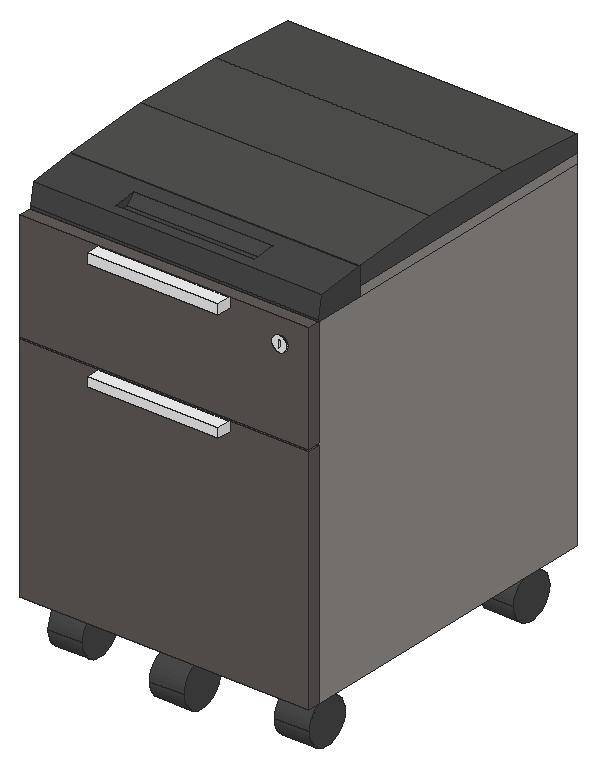
Revit family "Storage-Freestanding-Teknion-BSCMCS_Mobile_Pedestal_with_Seat-R2018", category Furniture, Revit 2018
Family settings
  OmniClass Number = 23.40.20.00
  OmniClass Title = General Furniture and Specialties
  Work Plane-Based = No
  Always vertical = Yes
  Cut with Voids When Loaded = No
  Shared = Yes
  Room Calculation Point = No
Parameters (values of type "Box, File")
  Warranty = "http://www.teknion.com/ca/papers/legal-canada"
  Unit Weight URL = "http://www.teknion.com/ca/tools/assets#&asset=bee6a381-b954-425e-8283-5a2de3a804f2,f828d448-4b62-4231-9e5f-9a8991c0ed77"
  URL = "www.teknion.com"
  Sustainability Data = "http://www.teknion.com/ca/tools/assets#&topic=216f99a5-57a0-44fc-b10a-9dee9b29ae4c&asset=444deb64-fe58-4b68-981e-f75e97781df7"
  Series = "Expansion Casegoods"  # constant formula
  Seat Upholstery Finish [instance] = Fabric - Teknion - E523 - Fundamentals - Black
  Pull Finish [instance] = Mica - Teknion - V - Satin - Very White
  Product Page URL = "http://www.teknion.com/ca/products/product-details?productlineid=0053336e-8e7a-673b-a6c8-ff00004460c4"
  Product Line = "Expansion Casegoods"  # constant formula
  Product Documentation Link = "https://www.teknion.com/pricing/expansion-casegoods/pdfs/Bsmcs_ppg.pdf"
  Part Number = "BSMCS"  # constant formula
  Model = "BSMCSP18BF"
  Manufacturer Phone = "416-661-3370"  # constant formula
  Manufacturer Fax = "416.661.4586"  # constant formula
  Manufacturer Contact Information = "http://www.teknion.com/ca/contactus"
  Manufacturer Address = "1150 Flint Road, Toronto, ON. M3J 2J5. Canada"  # constant formula
  Manufacturer = "Teknion"  # constant formula
  Drawer Front Finish [instance] = Veneer - Teknion - VB - Flintwood - Black Walnut
  Description = "Mobile Pedestal with Seat Cushion, Pulls, 18\" Depth, Box, File"
  Case Finish [instance] = Source Laminate - Teknion - DE - Latte
  Assembly Code = "E2020200"
Reference planes (in)
  plane 1 "Center Front/Back": y = -1.55592
  plane 2: z = 0
  plane 3 "Center Left/Right": x = 0
  plane 4 "Left": x = -7.75
  plane 5 "Right": x = 7.75
  plane 6 "Back": y = 7.09369
  plane 7 "Front": y = -10.20552
  plane 8 "Top": z = 21.32283
  plane 9: z = 2.94094
  plane 10: y = -10.90631
  plane 11: x = 3.5
  plane 12: x = -3.5
  plane 13: z = 1.27201
  plane 14: x = -5.17126
  plane 15: x = -7.02165
  plane 16: x = 7.02165
  plane 17: x = 5.17126
  plane 18: x = -0.9252
  plane 19: x = 0.9252
  plane 20: x = -7.04921
  plane 21: x = 7.04921
  plane 22: y = 6.3929
  plane 23: z = 3.95669
  plane 24: x = -3.75
  plane 25: x = 3.75
Forms (in)
  Extrusion 1, solid, material "Source Laminate - Teknion - DE - Latte" <- "Case Finish"
    sketch origin (0.04921, 2.79921, 0) x (1, 0, 0) y (0, 1, 0)
      loop
        line (-7.79921, 4.29448) -> (-7.79921, -13.00474) -> (7.70079, -13.00474) -> (7.70079, 4.29448) -> (-7.79921, 4.29448)
    from 2.94094 to 21.32283
  Extrusion 2, solid, material "Fabric - Teknion - E523 - Fundamentals - Black" <- "Seat Upholstery Finish"
    sketch origin (0, 0, 0) x (0, 1, 0) y (0, 0, 1)
      loop
        line (7.09369, 21.81594) -> (7.09369, 22.80139) -> (2.23271, 23.1413) -> (-2.77197, 23.1413) -> (-7.48111, 22.81201) -> (-7.48111, 21.81594) -> (7.09369, 21.81594)
    from -7.75 to 7.75
  Extrusion 3, solid, material "Source Laminate - Teknion - DE - Latte" <- "Case Finish"
    sketch origin (0, 0, 0) x (0, 1, 0) y (0, 0, 1)
      loop
        line (7.09369, 21.32283) -> (7.09369, 21.81594) -> (-7.48111, 21.81594) -> (-7.48111, 21.32283) -> (7.09369, 21.32283)
    from -7.75 to 7.75
  Extrusion 4, solid, material "Plastic - Teknion - E - Ebony"
    sketch origin (0, 0, 0) x (0, 1, 0) y (0, 0, 1)
      loop
        line (-7.48111, 22.81201) -> (-10.0137, 22.52885) -> (-10.20552, 21.44094) -> (-10.20552, 21.32283) -> (-7.48111, 21.32283) -> (-7.48111, 22.81201)
    from -7.75 to 7.75
  Extrusion 5, solid, material "Veneer - Teknion - VB - Flintwood - Black Walnut" <- "Drawer Front Finish"
    sketch origin (-7.75, -10.90631, 48) x (-1, 0, 0) y (0, 0, 1)
      loop
        line (0, -26.67717) -> (-15.5, -26.67717) -> (-15.5, -32.52362) -> (0, -32.52362) -> (0, -26.67717)
    from 0 to 0.70079
  Extrusion 6, solid, material "Veneer - Teknion - VB - Flintwood - Black Walnut" <- "Drawer Front Finish"
    sketch origin (-7.75, -10.90631, 48) x (-1, 0, 0) y (0, 0, 1)
      loop
        line (0, -32.64173) -> (-15.5, -32.64173) -> (-15.5, -45.05906) -> (0, -45.05906) -> (0, -32.64173)
    from 0 to 0.70079
  Extrusion 7, solid, material "Mica - Teknion - V - Satin - Very White" <- "Pull Finish"
    sketch origin (0, 0, 0) x (0, 1, 0) y (0, 0, 1)
      loop
        line (-11.65828, 21.32283) -> (-11.65828, 20.82283) -> (-10.90631, 20.82283) -> (-10.90631, 21.32283) -> (-11.65828, 21.32283)
    from -3.5 to 3.5
  Extrusion 8, solid, material "Mica - Teknion - V - Satin - Very White" <- "Pull Finish"
    sketch origin (0, 0, -5.96457) x (0, 1, 0) y (0, 0, 1)
      loop
        line (-11.65828, 21.32283) -> (-11.65828, 20.82283) -> (-10.90631, 20.82283) -> (-10.90631, 21.32283) -> (-11.65828, 21.32283)
    from -3.5 to 3.5
  Extrusion 9, solid, material "Plastic - Teknion - E - Ebony"
    sketch origin (7.75, -180, 2.94094) x (0, -1, 0) y (-1, 0, 0)
      loop
        circle (-185.77867, 13.84638) r 0.39367
    from 0 to 1.66894
  Extrusion 10, solid, material "Plastic - Teknion - E - Ebony"
    sketch origin (-7.75, -180, 2.94094) x (0, 1, 0) y (1, 0, 0)
      loop
        circle (185.77867, 13.84638) r 0.39367
    from 0 to 1.66894
  Extrusion 11, solid, material "Plastic - Teknion - E - Ebony"
    sketch origin (7.75, 177.82537, 2.94094) x (0, -1, 0) y (-1, 0, 0)
      loop
        circle (185.77867, 13.84638) r 0.39367
    from 0 to 1.66894
  Extrusion 12, solid, material "Plastic - Teknion - E - Ebony"
    sketch origin (-7.75, 177.82537, 2.94094) x (0, 1, 0) y (1, 0, 0)
      loop
        circle (-185.77867, 13.84638) r 0.39367
    from 0 to 1.66894
  Extrusion 13, solid, material "Plastic - Teknion - E - Ebony"
    sketch origin (-7.02165, -7.55986, 48) x (0, 1, 0) y (0, 0, 1)
      loop
        circle (12.55268, -46.81044) r 1.19
    from 0 to 1.85039
  Extrusion 14, solid, material "Plastic - Teknion - E - Ebony"
    sketch origin (-7.02165, 3.80281, 48) x (0, -1, 0) y (0, 0, -1)
      loop
        circle (12.55268, 46.81044) r 1.19
    from 0 to 1.85039
  Extrusion 15, solid, material "Plastic - Teknion - E - Ebony"
    sketch origin (7.02165, -7.55986, 48) x (0, 1, 0) y (0, 0, -1)
      loop
        circle (12.55268, 46.81044) r 1.19
    from 0 to 1.85039
  Extrusion 16, solid, material "Plastic - Teknion - E - Ebony"
    sketch origin (7.02165, 3.80281, 48) x (0, -1, 0) y (0, 0, 1)
      loop
        circle (12.55268, -46.81044) r 1.19
    from 0 to 1.85039
  Extrusion 17, solid, material "Plastic - Teknion - E - Ebony"
    sketch origin (13.84638, 177.03767, 2.94094) x (0, -1, 0) y (-1, 0, 0)
      loop
        circle (185.77867, 13.84638) r 0.39367
    from 0 to 1.66894
  Extrusion 18, solid, material "Plastic - Teknion - E - Ebony"
    sketch origin (-7.02165, 3.02361, 48) x (0, -1, 0) y (0, 0, -1)
      loop
        circle (12.55268, 46.81044) r 1.19
    from 6.09646 to 7.94685
  Extrusion 19, void
    sketch origin (-7.75, -10.90631, 48) x (1, 0, 0) y (0, 0, 1)
      loop
        line (0.70079, -44.04331) -> (14.79921, -44.04331) -> (14.79921, -32.52362) -> (0.70079, -32.52362) -> (0.70079, -44.04331)
    from -17.29921 to -0.70079
  Extrusion 20, solid, material "Mica - Teknion - V - Satin - Very White"
    sketch origin (-7.75, -10.90631, 48) x (-1, 0, 0) y (0, 0, 1)
      loop
        line (-14.03346, -27.75) -> (-14.03346, -28.12402) -> (-13.93504, -28.12402) -> (-13.93504, -27.75) -> (-14.03346, -27.75)
      loop
        circle (-13.98425, -27.93701) r 0.4
    from 0 to -0.05906
  Extrusion 21, void
    sketch origin (-7.02165, -7.55986, 48) x (0, -1, 0) y (0, 0, 1)
      loop
        line (0.74433, -25.28002) -> (1.15513, -25.76958) -> (1.92284, -25.76958) -> (1.95384, -25.41525) -> (0.74433, -25.28002)
    from -10.77165 to -3.27165
Cuts and joins
  Extrusion 19 cuts Extrusion 1
  Extrusion 21 cuts Extrusion 4
Lines and regions (in)
  Masking region 1
    outline origin (7.75, -180, 2.94094) x (0, -1, 0) y (1, 0, 0)
      loop
        line (-187.09369, -15.5) -> (-169.09369, -15.5) -> (-169.09369, 0) -> (-187.09369, 0) -> (-187.09369, -15.5)
  Masking region 2
    outline origin (7.75, -180, 2.94094) x (0, -1, 0) y (1, 0, 0)
      loop
        line (-168.34172, -11.25) -> (-168.34172, -4.25) -> (-169.09369, -4.25) -> (-169.09369, -11.25) -> (-168.34172, -11.25)
  Masking region 3
    outline origin (7.75, -180, 2.94094) x (0, -1, 0) y (1, 0, 0)
      loop
        line (-169.09369, -1.91575) -> (-169.03463, -1.91575) -> (-169.03463, -1.11575) -> (-169.09369, -1.11575) -> (-169.09369, -1.91575)
  symbolic lines
    curve 1: line (7.75, -10.20552, 2.94094) -> (-7.75, -10.20552, 2.94094)
    curve 35: line (-7.75, -7.48111, 2.94094) -> (7.75, -7.48111, 2.94094)
  symbolic lines, style "FurnitureHiddenLines", detail levels medium+fine
    curve 2: line (-7.04921, -10.20552, 2.94094) -> (-7.04921, 6.3929, 2.94094)
    curve 3: line (-7.04921, 6.3929, 2.94094) -> (7.04921, 6.3929, 2.94094)
    curve 4: line (7.04921, 6.3929, 2.94094) -> (7.04921, -10.20552, 2.94094)
  symbolic lines, style "FurnitureHiddenLines", detail levels fine
    curve 5: line (-5.17126, -9.93987, 2.94094) -> (-5.17126, -7.55987, 2.94094)
    curve 6: line (-5.17126, -7.55987, 2.94094) -> (-7.02165, -7.55987, 2.94094)
    curve 7: line (-7.02165, -7.55987, 2.94094) -> (-7.02165, -9.93987, 2.94094)
    curve 8: line (-7.02165, -9.93987, 2.94094) -> (-5.17126, -9.93987, 2.94094)
    curve 9: line (5.17126, -7.55987, 2.94094) -> (5.17126, -9.93987, 2.94094)
    curve 10: line (5.17126, -9.93987, 2.94094) -> (7.02165, -9.93987, 2.94094)
    curve 11: line (7.02165, -9.93987, 2.94094) -> (7.02165, -7.55987, 2.94094)
    curve 12: line (7.02165, -7.55987, 2.94094) -> (5.17126, -7.55987, 2.94094)
    curve 13: line (0.9252, -10.71907, 2.94094) -> (0.9252, -8.33907, 2.94094)
    curve 14: line (0.9252, -8.33907, 2.94094) -> (-0.9252, -8.33907, 2.94094)
    curve 15: line (-0.9252, -8.33907, 2.94094) -> (-0.9252, -10.71907, 2.94094)
    curve 16: line (-0.9252, -10.71907, 2.94094) -> (0.9252, -10.71907, 2.94094)
    curve 17: line (-5.17126, 3.80283, 2.94094) -> (-5.17126, 6.18283, 2.94094)
    curve 18: line (-5.17126, 6.18283, 2.94094) -> (-7.02165, 6.18283, 2.94094)
    curve 19: line (-7.02165, 6.18283, 2.94094) -> (-7.02165, 3.80283, 2.94094)
    curve 20: line (-7.02165, 3.80283, 2.94094) -> (-5.17126, 3.80283, 2.94094)
    curve 21: line (5.17126, 6.18283, 2.94094) -> (5.17126, 3.80283, 2.94094)
    curve 22: line (5.17126, 3.80283, 2.94094) -> (7.02165, 3.80283, 2.94094)
    curve 23: line (7.02165, 3.80283, 2.94094) -> (7.02165, 6.18283, 2.94094)
    curve 24: line (7.02165, 6.18283, 2.94094) -> (5.17126, 6.18283, 2.94094)
    curve 25: arc (-6.09638, -8.34697, 2.94094) -> (-5.70271, -7.9533, 2.94094) -> (-6.09638, -7.55963, 2.94094) r 0.39367
    curve 26: arc (-6.09638, -7.55963, 2.94094) -> (-6.49004, -7.9533, 2.94094) -> (-6.09638, -8.34697, 2.94094) r 0.39367
    curve 27: arc (0, -8.34732, 2.94094) -> (-0.39367, -8.74099, 2.94094) -> (0, -9.13466, 2.94094) r 0.39367
    curve 28: arc (0, -9.13466, 2.94094) -> (0.39367, -8.74099, 2.94094) -> (0, -8.34732, 2.94094) r 0.39367
    curve 29: arc (6.09638, -7.55963, 2.94094) -> (5.70271, -7.9533, 2.94094) -> (6.09638, -8.34697, 2.94094) r 0.39367
    curve 30: arc (6.09638, -8.34697, 2.94094) -> (6.49004, -7.9533, 2.94094) -> (6.09638, -7.55963, 2.94094) r 0.39367
    curve 31: arc (6.09638, 6.17234, 2.94094) -> (5.70271, 5.77867, 2.94094) -> (6.09638, 5.385, 2.94094) r 0.39367
    curve 32: arc (6.09638, 5.385, 2.94094) -> (6.49004, 5.77867, 2.94094) -> (6.09638, 6.17234, 2.94094) r 0.39367
    curve 33: arc (-6.09638, 6.17234, 2.94094) -> (-6.49004, 5.77867, 2.94094) -> (-6.09638, 5.385, 2.94094) r 0.39367
    curve 34: arc (-6.09638, 5.385, 2.94094) -> (-5.70271, 5.77867, 2.94094) -> (-6.09638, 6.17234, 2.94094) r 0.39367
Dimensions and locks (in)
  locked: plane 4 "Left" to plane 5 "Right" at 15.5
  locked: plane 6 "Back" to plane 7 "Front" at 17.29921
  plane 8 "Top" to level = 21.32283"
  equal spacing: plane 7 "Front", plane 1 "Center Front/Back", plane 6 "Back"
  equal spacing: plane 4 "Left", plane 3 "Center Left/Right", plane 5 "Right"
  locked: plane 9 to plane 2 at 2.94094
  locked: Extrusion 2 sketch curve to plane 7 "Front" at 2.72441
  locked: Extrusion 2 sketch curve to plane 8 "Top" at 0.49311
  locked: Extrusion 2 sketch curve to plane 8 "Top" at 1.81847
  Extrusion 2 sketch curve to Extrusion 2 sketch curve to plane 7 "Front" = 4.70915" locked, 2.72441" locked
  locked: plane 6 "Back" to Extrusion 2 sketch curve at 4.86098
  locked: Extrusion 3 sketch curve to plane 7 "Front" at 2.72441
  locked: Extrusion 3 sketch curve to plane 8 "Top" at 0.49311
  Extrusion 4 sketch curve to Extrusion 4 sketch curve to plane 7 "Front" to Extrusion 4 sketch curve = 2.53258" locked, 0.19183" locked, 0.000" locked
  Extrusion 4 sketch curve to Extrusion 4 sketch curve to Extrusion 4 sketch curve to plane 8 "Top" = 0.28316" locked, 1.0879" locked, 0.11811" locked
  locked: plane 7 "Front" to plane 10 at 0.70079
  locked: plane 8 "Top" to Extrusion 5 sketch curve at 5.84646
  locked: Extrusion 6 sketch curve to plane 9 at 12.41732
  plane 8 "Top" to Extrusion 7 sketch curve to Extrusion 7 sketch curve = 0.000" locked, 0.500" locked
  locked: plane 10 to Extrusion 7 sketch curve at 0.75197
  plane 12 to plane 3 "Center Left/Right" to plane 11 = 3.500" locked, 3.500" locked
  plane 8 "Top" to Extrusion 8 sketch curve to Extrusion 8 sketch curve = 5.96457" locked, 0.500" locked
  locked: plane 10 to Extrusion 8 sketch curve at 0.75197
  locked: plane 13 to plane 2 at 1.27201
  locked: plane 6 "Back" to Extrusion 9 sketch curve at 1.31502
  locked: plane 4 "Left" to Extrusion 9 sketch curve at 1.65362
  locked: Extrusion 10 sketch curve to plane 5 "Right" at 1.65362
  locked: plane 6 "Back" to Extrusion 10 sketch curve at 1.31502
  locked: plane 4 "Left" to Extrusion 11 sketch curve at 1.65362
  locked: plane 7 "Front" to Extrusion 11 sketch curve at 2.25222
  locked: Extrusion 12 sketch curve to plane 5 "Right" at 1.65362
  locked: plane 7 "Front" to Extrusion 12 sketch curve at 2.25222
  plane 17 to plane 16 to plane 5 "Right" = 1.85039" locked, 0.72835" locked
  plane 4 "Left" to plane 15 to plane 14 = 0.72835" locked, 1.85039" locked
  locked: plane 6 "Back" to Extrusion 13 sketch curve at 2.10086
  locked: Extrusion 13 sketch curve to plane 2 at 1.18956
  locked: Extrusion 14 sketch curve to plane 7 "Front" at 1.45565
  locked: Extrusion 14 sketch curve to plane 2 at 1.18956
  locked: plane 7 "Front" to Extrusion 17 sketch curve at 1.46453
  locked: plane 3 "Center Left/Right" to Extrusion 17 sketch curve at 0
  locked: Extrusion 18 sketch curve to plane 7 "Front" at 0.67645
  locked: Extrusion 18 sketch curve to plane 2 at 1.18956
  plane 18 to plane 3 "Center Left/Right" to plane 19 = 0.9252" locked, 0.9252" locked
  locked: plane 4 "Left" to plane 20 at 0.70079
  locked: plane 21 to plane 5 "Right" at 0.70079
  locked: plane 6 "Back" to plane 22 at 0.70079
  locked: plane 23 to plane 9 at 1.01575
  locked: Extrusion 19 sketch curve to plane 2 at 15.47638
  Extrusion 20 sketch curve to Extrusion 20 sketch curve to Extrusion 20 sketch curve to plane 5 "Right" = 0.04921" locked, 0.04921" locked, 1.46654" locked
  plane 8 "Top" to Extrusion 20 sketch curve to Extrusion 20 sketch curve to Extrusion 20 sketch curve = 1.07283" locked, 0.18701" locked, 0.18701" locked
  locked: plane 10 to Extrusion 20 at 0.05906
  Extrusion 21 sketch curve to Extrusion 21 sketch curve to Extrusion 21 sketch curve to Extrusion 21 sketch curve to plane 7 "Front" = 0.41079" locked, 0.76772" locked, 0.031" locked, 0.69183" locked
  Extrusion 21 sketch curve to Extrusion 21 sketch curve to Extrusion 21 sketch curve to plane 8 "Top" = 0.13523" locked, 0.35433" locked, 0.90759" locked
  plane 24 to plane 3 "Center Left/Right" to plane 25 = 3.750" locked, 3.750" locked
  locked: plane 10 to Masking region 3 sketch curve at 0.05906
  Masking region 3 sketch curve to Masking region 3 sketch curve to plane 5 "Right" = 0.800" locked, 1.11575" locked
  locked: Extrusion 15 sketch curve to plane 22 at 1.40007
  locked: Extrusion 15 sketch curve to plane 2 at 1.18956
  locked: plane 10 to Extrusion 16 sketch curve at 2.15644
  locked: Extrusion 16 sketch curve to plane 2 at 1.18956
  aligned and locked: level to plane 2
  aligned and locked: Extrusion 1 sketch curve to plane 4 "Left"
  aligned and locked: Extrusion 1 sketch curve to plane 6 "Back"
  aligned and locked: Extrusion 1 sketch curve to plane 5 "Right"
  aligned and locked: plane 9 to Extrusion 1
  aligned and locked: plane 8 "Top" to Extrusion 1
  aligned and locked: plane 7 "Front" to Extrusion 1
  aligned and locked: Extrusion 2 sketch curve to plane 6 "Back"
  aligned and locked: Extrusion 2 to plane 4 "Left"
  aligned and locked: Extrusion 2 to plane 5 "Right"
  aligned and locked: plane 6 "Back" to Extrusion 3 sketch curve
  aligned and locked: Extrusion 3 sketch curve to plane 8 "Top"
  aligned and locked: Extrusion 3 to plane 4 "Left"
  aligned and locked: Extrusion 3 to plane 5 "Right"
  aligned and locked: plane 8 "Top" to Extrusion 4 sketch curve
  aligned and locked: Extrusion 4 to plane 4 "Left"
  aligned and locked: Extrusion 4 to plane 5 "Right"
  aligned and locked: Extrusion 5 sketch curve to plane 8 "Top"
  aligned and locked: plane 4 "Left" to Extrusion 5 sketch curve
  aligned and locked: Extrusion 5 sketch curve to plane 5 "Right"
  aligned and locked: plane 4 "Left" to Extrusion 6 sketch curve
  aligned and locked: Extrusion 6 sketch curve to plane 5 "Right"
  aligned and locked: Extrusion 6 sketch curve to plane 9
  aligned and locked: Extrusion 5 to plane 7 "Front"
  aligned and locked: Extrusion 6 to plane 7 "Front"
  aligned and locked: Extrusion 5 to plane 10
  aligned and locked: Extrusion 6 to plane 10
  aligned and locked: plane 10 to Extrusion 7 sketch curve
  aligned and locked: plane 12 to Extrusion 7
  aligned and locked: plane 11 to Extrusion 7
  aligned and locked: plane 10 to Extrusion 8 sketch curve
  aligned and locked: Extrusion 9 to plane 9
  aligned and locked: Extrusion 9 to plane 13
  aligned and locked: Extrusion 10 to plane 13
  aligned and locked: Extrusion 11 to plane 13
  aligned and locked: Extrusion 12 to plane 13
  aligned and locked: plane 13 to Extrusion 9
  aligned and locked: Extrusion 11 to plane 9
  aligned and locked: Extrusion 10 to plane 9
  aligned and locked: Extrusion 14 to plane 15
  aligned and locked: plane 14 to Extrusion 14
  aligned and locked: Extrusion 13 to plane 15
  aligned and locked: plane 14 to Extrusion 13
  aligned and locked: Extrusion 15 to plane 17
  aligned and locked: plane 16 to Extrusion 15
  aligned and locked: Extrusion 16 to plane 17
  aligned and locked: Extrusion 15 to plane 16
  aligned and locked: plane 16 to Extrusion 16
  aligned and locked: Extrusion 17 to plane 13
  aligned and locked: Extrusion 17 to plane 9
  aligned and locked: plane 19 to Extrusion 18
  aligned and locked: Extrusion 18 to plane 18
  aligned and locked: Extrusion 19 sketch curve to plane 23
  aligned and locked: Extrusion 19 sketch curve to plane 20
  aligned and locked: Extrusion 19 sketch curve to plane 21
  aligned and locked: plane 22 to Extrusion 19
  aligned and locked: plane 7 "Front" to Extrusion 19
  aligned and locked: Extrusion 20 to plane 10
  aligned and locked: Masking region 1 sketch curve to plane 4 "Left"
  aligned and locked: Masking region 1 sketch curve to plane 6 "Back"
  aligned and locked: Masking region 1 sketch curve to plane 5 "Right"
  aligned and locked: Masking region 1 sketch curve to plane 10
  aligned and locked: curve 1 to Extrusion 4
  aligned and locked: curve 2 to cut or joined group of Extrusion 1, Extrusion 19
  aligned and locked: curve 3 to cut or joined group of Extrusion 1, Extrusion 19
  aligned and locked: curve 4 to cut or joined group of Extrusion 1, Extrusion 19
  aligned and locked: curve 5 to Extrusion 14
  aligned and locked: curve 6 to Extrusion 14
  aligned and locked: curve 8 to Extrusion 14
  aligned and locked: curve 10 to Extrusion 16
  aligned and locked: curve 11 to Extrusion 16
  aligned and locked: curve 12 to Extrusion 16
  aligned and locked: curve 13 to Extrusion 18
  aligned and locked: curve 14 to Extrusion 18
  aligned and locked: curve 16 to Extrusion 18
  aligned and locked: curve 18 to Extrusion 13
  aligned and locked: curve 19 to Extrusion 13
  aligned and locked: curve 20 to Extrusion 13
  aligned and locked: curve 21 to Extrusion 15
  aligned and locked: curve 22 to Extrusion 15
  aligned and locked: curve 24 to Extrusion 15
  aligned and locked: curve 23 to Extrusion 15
  aligned and locked: curve 17 to Extrusion 13
  aligned and locked: curve 7 to Extrusion 14
  aligned and locked: curve 9 to Extrusion 16
  aligned and locked: curve 25 to Extrusion 11
  aligned and locked: curve 26 to Extrusion 11
  aligned and locked: curve 27 to Extrusion 17
  aligned and locked: curve 28 to Extrusion 17
  aligned and locked: curve 29 to Extrusion 12
  aligned and locked: curve 30 to Extrusion 12
  aligned and locked: curve 31 to Extrusion 10
  aligned and locked: curve 32 to Extrusion 10
  aligned and locked: curve 33 to Extrusion 9
  aligned and locked: curve 34 to Extrusion 9
  aligned and locked: curve 35 to Extrusion 4
  aligned and locked: curve 15 to Extrusion 18
  aligned and locked: cut or joined group of Extrusion 4, Extrusion 21 to plane 24
  aligned and locked: cut or joined group of Extrusion 4, Extrusion 21 to plane 25
  aligned and locked: plane 10 to Masking region 3 sketch curve
  aligned and locked: Extrusion 12 to plane 9
  aligned and locked: plane 11 to Extrusion 8
  aligned and locked: plane 11 to Masking region 2
  aligned and locked: plane 12 to Extrusion 8
  aligned and locked: plane 12 to Masking region 2
Automatic sketch dimensions
  plane 7 "Front" to Extrusion 1 sketch curve = 0.000"
  Extrusion 2 sketch curve to Extrusion 2 sketch curve = 0.98545"
  Extrusion 2 sketch curve to Extrusion 2 sketch curve = 0.99606"
  curve 1 to plane 4 "Left" = 0.000"
  curve 35 to plane 4 "Left" = 0.000"
  curve 1 to plane 5 "Right" = 0.000"
  curve 35 to plane 5 "Right" = 0.000"
  Masking region 2 sketch curve to plane 10 = 0.000"
  Masking region 2 sketch curve to plane 11 = 0.000"
  Masking region 2 sketch curve to plane 12 = 0.000"
  Masking region 2 sketch curve to plane 10 = 0.75197"
  radius of Extrusion 9 sketch curve = 0.39367"
  radius of Extrusion 10 sketch curve = 0.39367"
  radius of Extrusion 11 sketch curve = 0.39367"
  radius of Extrusion 12 sketch curve = 0.39367"
  radius of Extrusion 13 sketch curve = 1.190"
  radius of Extrusion 14 sketch curve = 1.190"
  radius of Extrusion 15 sketch curve = 1.190"
  radius of Extrusion 16 sketch curve = 1.190"
  radius of Extrusion 17 sketch curve = 0.39367"
  radius of Extrusion 18 sketch curve = 1.190"
  radius of Extrusion 20 sketch curve = 0.400"
